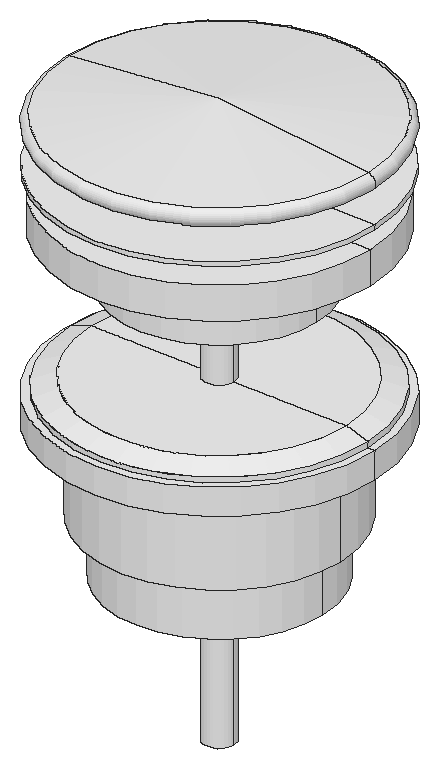
Revit family "PRD_AR_WshBsnWsts_RONDAWasteValve_ZANMW0030_0031", category Plumbing Fixtures, Revit 2018
Family settings
  Round Connector Dimension = Use Diameter
  Part Type = Normal
  OmniClass Number = 23.45.00.00
  OmniClass Title = Sanitary, Laundry, and Cleaning Equipment
  Work Plane-Based = Yes
  Always vertical = No
  Cut with Voids When Loaded = No
  Shared = Yes
  Room Calculation Point = No
Parameters (values of type "ZANMW0031")
  WasteValveMaterial = PRD_AR_ChromatedBrass
  WasteTrapType = "n/a"
  WarrantyStartDate [instance] = "1900-12-31T23:59:59"
  WarrantyGuarantorParts = "n/a"
  WarrantyGuarantorLabor = "n/a"
  WarrantyDurationUnit = "year"
  WarrantyDurationParts = "n/a"
  WarrantyDurationLabor = "n/a"
  WarrantyDescription = "n/a"
  Version = "1"
  Uniclass2015Version = "Products v1.17"
  Uniclass2015Title = "Washbasin wastes"
  Uniclass2015Code = "Pr_70_55_96_97"
  URL = "www.kwc.com"
  TopMaterial = PRD_AR_SyntheticWhite
  TailorMade = "No"
  TagNumber [instance] = "n/a"
  SustainabilityPerformance = "n/a"
  Size = "DN 32 (1 1/4 inch.)"
  Shape = "n/a"
  SerialNumber [instance] = "n/a"
  Revision = "n/a"
  ReplacementCost = "n/a"
  QuantityUom = "Piece"
  Quantity = "1"
  ProductInformation = "https://pim.kwc.com/product/2030057339/attachment/datasheet?locale=en"
  OutletConnectionSize = 32 mm
  NominalWidth = 63 mm
  NominalHeight = 0 mm
  NominalDepth = 63 mm
  NetWeight = 0.32 kg
  Name = "Waste Valve ZANMW0031"
  NBSTypeID = "n/a"
  NBSReference = "45-35-70/372"
  NBSOfficeMasterTag = "n/a"
  NBSNote = "n/a"
  NBSDescription = "Wastes for wash basins"
  NBSCertification = "n/a"
  ModelReference = "ZANMW0031"
  ModelNumber = "2030057339"
  Model = ModelReference  # "ZANMW0031"
  Material = "brass"
  ManufacturerURL = "www.kwc.com"
  ManufacturerName = "KWC Group AG"  # constant formula
  Manufacturer = ManufacturerName  # "KWC Group AG"
  IntegralAccessories = "incl. an adapter for retrofitting on click closing dome"
  InstallationDate [instance] = "1900-12-31T23:59:59"
  InletConnectionSize = 0 mm
  IfcExportType = "WASTETRAP"
  IfcExportAs = "IfcWasteTerminalType"
  GrossWeight = 0.34 kg
  Grade = "n/a"
  Finish = "chromed"
  Features = "chrome-plated brass, shaft valve and dome"
  ExpectedLife = "n/a"
  DurationUnit = "year"
  Description = "Chrome-plated brass dome waste valve, shaft valve, white (RAL 9003) powder-coated brass dome, including adapter for retrofitting on a click closing dome, connection G 1 1/4 B"
  Default Elevation = 1219.2 mm
  CreatedOn = "09/2020"  # constant formula
  Constituents = "n/a"
  Color = "white"
  CodePerformance = "n/a"
  Category = "Pr_70_55_96_97, Washbasin wastes"
  BarCode [instance] = "n/a"
  BIMObjectName = "PRD_AR_WashbasinWastes_RONDAWasteValve_ZANMW0031"
  Author = "Archispace"  # constant formula
  AssetType = "Fixed"
  AssetIdentifier [instance] = "n/a"
  AccessibilityPerformance = "n/a"
Types (2, lengths in mm): name | TopMaterial | ProductInformation | Name | ModelReference | ModelNumber | Model | Description | Color | BIMObjectName
  ZANMW0030 | PRD_AR_ChromatedBrass | "https://pim.kwc.com/product/2030057337/attachment/datasheet?locale=en" | "Waste Valve ZANMW0030" | "ZANMW0030" | "2030057337" | "ZANMW0030" | "Chrome-plated brass dome waste valve, shaft valve and dome, including an adapter for retrofitting on click closing dome, connection G 1 1/4 B" | "chrome" | "PRD_AR_WashbasinWastes_RONDAWasteValve_ZANMW0030"
  ZANMW0031 | PRD_AR_SyntheticWhite | "https://pim.kwc.com/product/2030057339/attachment/datasheet?locale=en" | "Waste Valve ZANMW0031" | "ZANMW0031" | "2030057339" | "ZANMW0031" | "Chrome-plated brass dome waste valve, shaft valve, white (RAL 9003) powder-coated brass dome, including adapter for retrofitting on a click closing dome, connection G 1 1/4 B" | "white" | "PRD_AR_WashbasinWastes_RONDAWasteValve_ZANMW0031"
Reference planes
  plane 1 "Center (Front/Back)": y = 0
  plane 2: z = 0
  plane 3 "Center (Left/Right)": x = 0
Forms (mm)
  Revolve 1, solid, material "PRD_AR_SyntheticWhite" <- "TopMaterial", detail levels fine
    sketch origin (0, 0, -6) x (1, 0, 0) y (0, 0, 1)
      loop
        line (-30.737, 6) -> (0, 6) -> (0, 12.007)
        arc (0, 12.007) -> (-15.189, 11.236) -> (-30.222, 8.931) r 150
        arc (-30.222, 8.931) -> (-31.476, 7.64) -> (-30.737, 6) r 1.6
      axis (0, 6) -> (0, 12.007)
    angle from 0 to 360
  Revolve 2, solid, material "PRD_AR_ChromatedBrass" <- "WasteValveMaterial", detail levels fine
    sketch origin (0, 0, 0) x (1, 0, 0) y (0, 0, 1)
      loop
        line (-17, 0) -> (-17, -3.193) -> (-7.57, -3.193) -> (-7.57, -6.093) -> (-31.446, -6.093) -> (-31.446, -6.953) -> (-21.935, -10.86) -> (-30.59, -10.86) -> (-30.59, -17.36) -> (-19.75, -17.36) -> (-19.75, -27.793) -> (-8.15, -27.793) -> (-8.15, -33.263) -> (-5.5, -34.793) -> (-3, -34.793) -> (-3, -44.453) -> (-25.749, -44.453) -> (-30, -45.953) -> (-30, -46.953) -> (-31.5, -46.953) -> (-31.5, -52.253) -> (-24.6, -52.253) -> (-24.6, -69.453) -> (-20.955, -69.453) -> (-20.955, -80.453) -> (-6.05, -80.453) -> (-6.05, -85.253) -> (-3, -85.253) -> (-3, -110.281) -> (0, -110.281) -> (0, 0) -> (-17, 0)
      axis (0, 0) -> (0, -110.281)
    angle from 0 to 360
  Extrusion 3, solid, material "PRD_AR_ChromatedBrass" <- "WasteValveMaterial", detail levels medium
    sketch origin (0, 0, 0) x (1, 0, 0) y (0, 1, 0)
      loop
        circle (0, 0) r 31.5
    from -110.281 to 6.03
Dimensions and locks
  aligned and locked: level to plane 2
